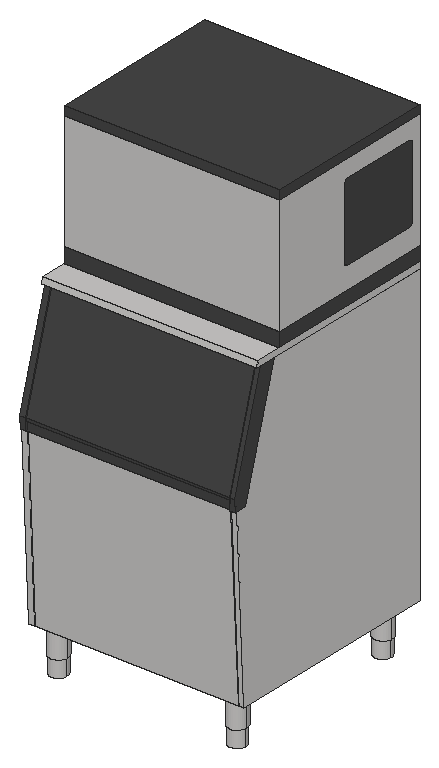
Revit family "QF_ELECTROLUXPROFESSIONAL_730296_IHD220M230SNP", category Specialty Equipment, Revit 2023
Family settings
  Round Connector Dimension = Use Diameter
  Part Type = Normal
  Work Plane-Based = No
  Enable Cutting in Views = No
  Always vertical = Yes
  Cut with Voids When Loaded = No
  Maintain Annotation Orientation = No
  Shared = No
  Room Calculation Point = No
Parameters (values of type "Standard")
  Weight = 85.00 kg
  Watts = 0 W
  Volts = 220 V
  URL Manufacturer = "http://www.electroluxprofessional.com"
  URL = "http://www.electroluxprofessional.com"
  Steam Supply Size = 0 mm
  Steam Supply Minimum Pressure = 0.0 Pa
  Steam Supply Maximum Pressure = 0.0 Pa
  Steam Pounds per Hour = 0
  Show Logo [instance] = yes
  Show Clearance [instance] = yes
  Refrigeration Suction Line Size = 0 mm
  Refrigeration Liquid Line Size = 0 mm
  Refrigerant Compressor Remote = yes
  Manufacturer = "Electrolux Professional"
  Phase = 1
  Model = "IHD220M230SNP"
  Length Actual = 762 mm
  Item Number = "730296"
  Hot Water Size = 0 mm
  Height Actual = 1676 mm
  HP = "2.1 HP"
  Gas Size = 0 mm
  Gas KW = 0
  Gas Input Pressure = 0 W
  Description = "AIR COOLED HALF DICE ICE 220KG/24H-BIN 230KG MODULAR"
  Depth Actual = 819 mm
  Default Elevation = 0 mm
  Cycle = 50 Hz
  Condensate Return Size = 0 mm
  Compressed Air Volume = 0.0 L/s
  Compressed Air Size = 0 mm
  Compressed Air Pressure = 0.0 Pa
  Cold Water Size = 19.05 mm
  Accessory = no
Reference planes
  plane 1 "Center X": y = 237.851
  plane 2: z = 0
  plane 3 "Center Y": x = -378
  plane 4 "LEFT": x = -759
  plane 5 "BACK": y = 647.351
  plane 6 "RIGHT": x = 3
  plane 7 "FRONT": y = -171.649
  plane 8 "TOP": z = 1231
  plane 9: x = -739
  plane 10: x = -17
  plane 11: z = 155
  plane 12: z = 1211
  plane 13: z = 1131
  plane 14: y = -171.649
  plane 15: x = 3
  plane 16: x = -759
  plane 17: z = 1731
  plane 18: z = 1363.566
  plane 19 "2": y = 667.351
  plane 20 "3": y = 27.351
Forms (mm)
  Extrusion 1, solid, material "QF_Finishes_Stainless Steel"
    sketch origin (-238.119, 667.851, 1599.653) x (0, 0, -1) y (-1, 0, 0)
      loop
        circle (302.153, -206.619) r 10
    from -20.5 to -0.5
  Extrusion 2, solid, material "QF_Finishes_Stainless Steel"
    sketch origin (3, 0, 0) x (0, 1, 0) y (0, 0, 1)
      loop
        line (-70.746, 1231) -> (-75.305, 1211) -> (647.351, 1211) -> (647.351, 1231) -> (-70.746, 1231)
    from -762 to 0
  Extrusion 3, solid, material "QF_Finishes_Stainless Steel"
    sketch origin (3, 0, -220) x (0, 1, 0) y (0, 0, 1)
      loop
        line (2.761, 1431) -> (-125.203, 1012.449) -> (-163.117, 1012.449) -> (-130.122, 375) -> (647.351, 375) -> (647.351, 1431) -> (2.761, 1431)
    from -742 to -20
  Extrusion 4, solid, material "QF_Finishes_Black"
    sketch origin (3, -38.052, -220) x (0, 1, 0) y (0, 0, 1)
      loop
        line (-131.963, 1053.167) -> (-131.595, 1046.139) -> (-129.537, 1046.139) -> (-127.771, 1012.449) -> (-87.151, 1012.449) -> (40.813, 1431) -> (-16.448, 1431) -> (-131.963, 1053.167)
    from -742 to -20
  Extrusion 5, solid, material "QF_Finishes_Black"
    sketch origin (3, -38.052, -220) x (0, 1, 0) y (0, 0, 1)
      loop
        line (-131.963, 1053.167) -> (-129.829, 1012.449) -> (-87.151, 1012.449) -> (40.813, 1431) -> (-16.448, 1431) -> (-131.963, 1053.167)
    from -762 to -742
  Extrusion 6, solid, material "QF_Finishes_Black"
    sketch origin (3, -38.052, -220) x (0, 1, 0) y (0, 0, 1)
      loop
        line (-131.963, 1053.167) -> (-129.829, 1012.449) -> (-87.151, 1012.449) -> (40.813, 1431) -> (-16.448, 1431) -> (-131.963, 1053.167)
    from -20 to 0
  Extrusion 7, solid, material "QF_Finishes_Stainless Steel"
    sketch origin (3, 0, -220) x (0, 1, 0) y (0, 0, 1)
      loop
        line (2.761, 1431) -> (-125.203, 1012.449) -> (-163.117, 1012.449) -> (-130.122, 375) -> (647.351, 375) -> (647.351, 1431) -> (2.761, 1431)
    from -20 to 0
  Extrusion 8, solid, material "QF_Finishes_Stainless Steel"
    sketch origin (3, 0, -220) x (0, 1, 0) y (0, 0, 1)
      loop
        line (2.761, 1431) -> (-125.203, 1012.449) -> (-163.117, 1012.449) -> (-130.122, 375) -> (647.351, 375) -> (647.351, 1431) -> (2.761, 1431)
    from -762 to -742
  Extrusion 9, solid, material "QF_Finishes_Stainless Steel"
    sketch origin (3, 0, 440) x (0, 1, 0) y (0, 0, 1)
      loop
        line (27.351, 1260.349) -> (27.351, 842.501) -> (647.351, 842.501) -> (647.351, 1260.349) -> (27.351, 1260.349)
    from -762 to 0
  Extrusion 10, solid, material "QF_Finishes_Black"
    sketch origin (3, 0, 395) x (0, 1, 0) y (0, 0, 1)
      loop
        line (27.351, 887.501) -> (27.351, 836) -> (647.351, 836) -> (647.351, 887.501) -> (27.351, 887.501)
    from -762 to 0
  Extrusion 11, solid, material "QF_Finishes_Black"
    sketch origin (3, 0, 1015) x (0, 1, 0) y (0, 0, 1)
      loop
        line (27.351, 716) -> (27.351, 685.349) -> (647.351, 685.349) -> (647.351, 716) -> (27.351, 716)
    from -762 to 0
  Extrusion 12, solid, material "QF_Finishes_Stainless Steel"
    sketch origin (-1202.264, 667.851, 1627.261) x (0, 0, -1) y (-1, 0, 0)
      loop
        circle (302.153, -468.619) r 12.5
    from -20.5 to -0.5
  Extrusion 13, solid, material "QF_Finishes_Stainless Steel"
    sketch origin (-1199.841, 667.851, 1316.063) x (0, 0, -1) y (-1, 0, 0)
      loop
        circle (-158.388, -468.619) r 10
    from -20.5 to -0.5
  Extrusion 14, solid
    sketch origin (1774.352, 532.849, 0) x (1, 0, 0) y (0, 1, 0)
      loop
        circle (-2152.352, -35.499) r 10
    from 91.501 to 155
  Extrusion 15, solid, material "QF_Finishes_Black"
    sketch origin (-668.378, 757.228, 75) x (1, 0, 0) y (0, 0, -1)
      loop
        arc (275.378, -1625.349) -> (285.984, -1620.956) -> (290.378, -1610.349) r 15
        line (290.378, -1610.349) -> (290.378, -1222.501)
        arc (290.378, -1222.501) -> (285.984, -1211.894) -> (275.378, -1207.501) r 15
        line (275.378, -1207.501) -> (-25.622, -1207.501)
        arc (-25.622, -1207.501) -> (-36.229, -1211.894) -> (-40.622, -1222.501) r 15
        line (-40.622, -1222.501) -> (-40.622, -1610.349)
        arc (-40.622, -1610.349) -> (-36.229, -1620.956) -> (-25.622, -1625.349) r 15
        line (-25.622, -1625.349) -> (275.378, -1625.349)
    from -109.877 to -107.877
  Extrusion 16, solid, material "QF_Finishes_Black"
    sketch origin (-759, 55.351, 75) x (0, 1, 0) y (0, 0, -1)
      loop
        arc (542, -1563.566) -> (552.607, -1559.172) -> (557, -1548.566) r 15
        line (557, -1548.566) -> (557, -1303.566)
        arc (557, -1303.566) -> (552.607, -1292.959) -> (542, -1288.566) r 15
        line (542, -1288.566) -> (272, -1288.566)
        arc (272, -1288.566) -> (261.393, -1292.959) -> (257, -1303.566) r 15
        line (257, -1303.566) -> (257, -1548.566)
        arc (257, -1548.566) -> (261.393, -1559.172) -> (272, -1563.566) r 15
        line (272, -1563.566) -> (542, -1563.566)
    from 0 to 2
  Extrusion 17, solid, material "QF_Finishes_Black"
    sketch origin (3, 55.351, 75) x (0, 1, 0) y (0, 0, 1)
      loop
        line (542, 1563.566) -> (272, 1563.566)
        arc (272, 1563.566) -> (261.393, 1559.172) -> (257, 1548.566) r 15
        line (257, 1548.566) -> (257, 1303.566)
        arc (257, 1303.566) -> (261.393, 1292.959) -> (272, 1288.566) r 15
        line (272, 1288.566) -> (542, 1288.566)
        arc (542, 1288.566) -> (552.607, 1292.959) -> (557, 1303.566) r 15
        line (557, 1303.566) -> (557, 1548.566)
        arc (557, 1548.566) -> (552.607, 1559.172) -> (542, 1563.566) r 15
    from 0 to 2
Lines and regions (mm)
  symbolic lines
    curve 1: line (-759, 647.351, 0) -> (3, 647.351, 0)
    curve 2: line (-759, -171.649, 0) -> (-759, 647.351, 0)
    curve 3: line (3, -171.649, 0) -> (-759, -171.649, 0)
    curve 4: line (3, 647.351, 0) -> (3, -171.649, 0)
    curve 5: line (-759, 647.351, 100) -> (3, 647.351, 100)
    curve 6: line (-759, -171.649, 100) -> (-759, 647.351, 100)
    curve 7: line (3, 647.351, 100) -> (3, -171.649, 100)
    curve 8: line (-759, -171.649, 100) -> (3, -171.649, 100)
    curve 9: line (-759, 27.351, 100) -> (3, 27.351, 100)
    curve 10: line (-759, -75.305, 100) -> (3, -75.305, 100)
Dimensions and locks
  equal spacing: plane 4 "LEFT", plane 3 "Center Y", plane 6 "RIGHT"
  "Length Actual": plane 4 "LEFT" to plane 6 "RIGHT"
  "Depth Actual": plane 5 "BACK" to plane 7 "FRONT"
  equal spacing: plane 5 "BACK", plane 1 "Center X", plane 7 "FRONT"
  plane 8 "TOP" to plane 2 = 1231 mm
  locked: plane 4 "LEFT" to plane 9 at 20
  locked: plane 10 to plane 6 "RIGHT" at 20
  plane 11 to plane 2 = 155 mm
  locked: plane 8 "TOP" to plane 12 at 20
  locked: plane 12 to plane 13 at 80
  plane 7 "FRONT" to plane 14 = 0 mm
  plane 7 "FRONT" to plane 5 "BACK" = 819 mm
  plane 14 to plane 19 "2" = 839 mm
  plane 11 to Extrusion 7 = 1056 mm
  plane 15 to plane 3 "Center Y" to plane 16 = 381 mm, 381 mm
  equal spacing: plane 16, plane 3 "Center Y", plane 15
  plane 15 to plane 16 = 762 mm
  plane 17 to level = 1731 mm
  plane 8 "TOP" to level = 1231 mm
  plane 17 to plane 8 "TOP" = 500 mm
  Extrusion 9 to plane 5 "BACK" = 620 mm
  plane 20 "3" to plane 5 "BACK" = 620 mm
  nested 4 to plane 3 "Center Y" to nested 1 = 317 mm, 316.899 mm
  aligned and locked: level to plane 2
  aligned and locked: plane 15 to Extrusion 9
  aligned and locked: plane 15 to Extrusion 10
  aligned and locked: Extrusion 11 to plane 16
  aligned and locked: Extrusion 9 to plane 16
  aligned and locked: Extrusion 10 to plane 16
  aligned and locked: plane 5 "BACK" to Extrusion 11
  aligned and locked: plane 5 "BACK" to Extrusion 9
  aligned and locked: Extrusion 9 to plane 20 "3"
Automatic sketch dimensions
  Extrusion 1 sketch curve to plane 10 = 14.5 mm
  plane 18 to Extrusion 1 sketch curve = 66.066 mm
  plane 9 to Extrusion 12 sketch curve = 5.355 mm
  plane 18 to Extrusion 12 sketch curve = 38.458 mm
  plane 9 to Extrusion 13 sketch curve = 7.778 mm
  Extrusion 13 sketch curve to plane 18 = 110.886 mm
  Extrusion 15 sketch curve to plane 3 "Center Y" = 0 mm
  Extrusion 15 sketch curve to Extrusion 15 sketch curve = 15 mm  (x2)
  Extrusion 15 sketch curve to plane 3 "Center Y" = 15 mm
  plane 9 to Extrusion 15 sketch curve = 45 mm  (x2)
  Extrusion 15 sketch curve to plane 17 = 30.651 mm
  plane 18 to Extrusion 15 sketch curve = 66.065 mm
  curve 3 to plane 4 "LEFT" = 0 mm
  curve 3 to plane 6 "RIGHT" = 0 mm
  curve 3 to plane 7 "FRONT" = 0 mm
  curve 2 to plane 5 "BACK" = 0 mm
  Extrusion 2 sketch curve to plane 12 = 0 mm
  Extrusion 2 sketch curve to plane 8 "TOP" = 0 mm
  Extrusion 2 sketch curve to plane 5 "BACK" = 0 mm
  Extrusion 2 sketch curve to plane 20 "3" = 98.097 mm
  Extrusion 2 sketch curve to Extrusion 2 sketch curve = 4.56 mm
  Extrusion 3 sketch curve to plane 11 = 0 mm
  Extrusion 3 sketch curve to plane 12 = 0 mm
  Extrusion 3 sketch curve to plane 5 "BACK" = 0 mm
  Extrusion 3 sketch curve to plane 20 "3" = 24.59 mm
  plane 7 "FRONT" to Extrusion 3 sketch curve = 46.446 mm
  plane 7 "FRONT" to Extrusion 3 sketch curve = 41.528 mm
  plane 7 "FRONT" to Extrusion 3 sketch curve = 8.532 mm
  Extrusion 3 sketch curve to plane 13 = 338.551 mm
  Extrusion 4 sketch curve to plane 12 = 0 mm
  plane 7 "FRONT" to Extrusion 4 sketch curve = 1.634 mm
  plane 7 "FRONT" to Extrusion 4 sketch curve = 2.003 mm
  Extrusion 4 sketch curve to Extrusion 4 sketch curve = 2.058 mm
  plane 7 "FRONT" to Extrusion 4 sketch curve = 5.827 mm
  Extrusion 4 sketch curve to Extrusion 4 sketch curve = 40.62 mm
  Extrusion 4 sketch curve to plane 20 "3" = 81.851 mm
  Extrusion 4 sketch curve to plane 20 "3" = 24.59 mm
  Extrusion 4 sketch curve to plane 13 = 297.833 mm
  Extrusion 4 sketch curve to Extrusion 4 sketch curve = 7.027 mm
  Extrusion 4 sketch curve to Extrusion 4 sketch curve = 33.691 mm
  Extrusion 5 sketch curve to plane 12 = 0 mm
  plane 7 "FRONT" to Extrusion 5 sketch curve = 1.634 mm
  plane 7 "FRONT" to Extrusion 5 sketch curve = 3.768 mm
  Extrusion 5 sketch curve to Extrusion 5 sketch curve = 42.678 mm
  Extrusion 5 sketch curve to plane 20 "3" = 81.851 mm
  Extrusion 5 sketch curve to plane 20 "3" = 24.59 mm
  Extrusion 5 sketch curve to plane 13 = 297.833 mm
  Extrusion 5 sketch curve to Extrusion 5 sketch curve = 40.718 mm
  Extrusion 6 sketch curve to plane 12 = 0 mm
  plane 7 "FRONT" to Extrusion 6 sketch curve = 1.634 mm
  plane 7 "FRONT" to Extrusion 6 sketch curve = 3.768 mm
  Extrusion 6 sketch curve to Extrusion 6 sketch curve = 42.678 mm
  Extrusion 6 sketch curve to plane 20 "3" = 81.851 mm
  Extrusion 6 sketch curve to plane 20 "3" = 24.59 mm
  Extrusion 6 sketch curve to plane 13 = 297.833 mm
  Extrusion 6 sketch curve to Extrusion 6 sketch curve = 40.718 mm
  Extrusion 7 sketch curve to plane 11 = 0 mm
  Extrusion 7 sketch curve to plane 12 = 0 mm
  Extrusion 7 sketch curve to plane 5 "BACK" = 0 mm
  Extrusion 7 sketch curve to plane 20 "3" = 24.59 mm
  plane 7 "FRONT" to Extrusion 7 sketch curve = 46.446 mm
  plane 7 "FRONT" to Extrusion 7 sketch curve = 41.528 mm
  plane 7 "FRONT" to Extrusion 7 sketch curve = 8.532 mm
  Extrusion 7 sketch curve to plane 13 = 338.551 mm
  Extrusion 8 sketch curve to plane 11 = 0 mm
  Extrusion 8 sketch curve to plane 12 = 0 mm
  Extrusion 8 sketch curve to plane 5 "BACK" = 0 mm
  Extrusion 8 sketch curve to plane 20 "3" = 24.59 mm
  plane 7 "FRONT" to Extrusion 8 sketch curve = 46.446 mm
  plane 7 "FRONT" to Extrusion 8 sketch curve = 41.528 mm
  plane 7 "FRONT" to Extrusion 8 sketch curve = 8.532 mm
  Extrusion 8 sketch curve to plane 13 = 338.551 mm
  Extrusion 9 sketch curve to plane 20 "3" = 0 mm
  Extrusion 9 sketch curve to plane 5 "BACK" = 0 mm
  plane 8 "TOP" to Extrusion 9 sketch curve = 51.501 mm
  Extrusion 9 sketch curve to plane 17 = 30.651 mm
  Extrusion 10 sketch curve to plane 8 "TOP" = 0 mm
  Extrusion 10 sketch curve to plane 20 "3" = 0 mm
  Extrusion 10 sketch curve to plane 5 "BACK" = 0 mm
  plane 8 "TOP" to Extrusion 10 sketch curve = 51.501 mm
  Extrusion 11 sketch curve to plane 20 "3" = 0 mm
  Extrusion 11 sketch curve to plane 5 "BACK" = 0 mm
  Extrusion 11 sketch curve to plane 17 = 0 mm
  Extrusion 11 sketch curve to plane 17 = 30.651 mm
  Extrusion 14 sketch curve to plane 3 "Center Y" = 0 mm
  Extrusion 14 sketch curve to plane 5 "BACK" = 150 mm
  plane 18 to Extrusion 16 sketch curve = 0 mm
  Extrusion 16 sketch curve to plane 18 = 15 mm
  Extrusion 16 sketch curve to plane 1 "Center X" = 74.5 mm
  Extrusion 16 sketch curve to Extrusion 16 sketch curve = 15 mm  (x2)
  Extrusion 16 sketch curve to plane 5 "BACK" = 50 mm  (x2)
  Extrusion 16 sketch curve to plane 17 = 107.434 mm
  plane 18 to Extrusion 17 sketch curve = 0 mm
  Extrusion 17 sketch curve to plane 18 = 15 mm
  Extrusion 17 sketch curve to plane 1 "Center X" = 74.5 mm
  Extrusion 17 sketch curve to Extrusion 17 sketch curve = 15 mm  (x2)
  Extrusion 17 sketch curve to plane 5 "BACK" = 50 mm  (x2)
  Extrusion 17 sketch curve to plane 17 = 107.434 mm
  plane 5 "BACK" to curve 5 = 0 mm
  plane 7 "FRONT" to curve 8 = 0 mm
  plane 20 "3" to curve 9 = 0 mm
  plane 6 "RIGHT" to curve 5 = 0 mm
  curve 7 to curve 6 = 762 mm
  curve 10 to curve 7 = 96.344 mm
  radius of Extrusion 1 sketch curve = 10 mm
  radius of Extrusion 12 sketch curve = 12.5 mm
  radius of Extrusion 13 sketch curve = 10 mm
  radius of Extrusion 14 sketch curve = 10 mm
Nested families
  nested 1: "Foot_Complete" at (-694.899, -79.392, 0), type "Foot_Complete"
  nested 2: "Foot_Complete" at (-694.899, 564.718, 0), type "Foot_Complete"
  nested 3: "Foot_Complete" at (-61, 564.718, 0), type "Foot_Complete"
  nested 4: "Foot_Complete" at (-61, -79.392, 0), type "Foot_Complete"
Connectors
  electrical at (-31.5, 667.351, 1297.5), driven by "Volts"
    settings: on Extrusion 1, index 1, voltage 220 V, apparent load 0 VA, apparent load phase1 0 VA, apparent load phase2 0 VA, apparent load phase3 0 VA, power factor 1, load classification "Altro", number of poles 1, system type 30, power factor state 1, is connector primary yes, connector utility no, sub classification motor no, connector description "Electrical Connection"
  piping at (-733.645, 667.351, 1325.107), diameter 25
    settings: on Extrusion 12, index 6, connector inside diameter 609.6 mm, connector length 0 mm, flow factor 0, pipe flow 0.0 L/s, pressure drop 0.0 Pa, fitting loss kfactor 0, connector angle 0.00°, fixture units 0, engagement length 0 mm, angle of deflection 0.00°, flow configuration 0, flow direction 2, fitting loss method 0, system type 16, joint type 0, gender type 0, connector reference index -1, connector utility 0, adjustable connector no, is connector primary yes, connector description "Drain"
  piping at (-731.222, 667.351, 1474.451), diameter 20
    settings: on Extrusion 13, index 7, connector inside diameter 609.6 mm, connector length 0 mm, flow factor 0, pipe flow 0.0 L/s, pressure drop 0.0 Pa, fitting loss kfactor 0, connector angle 0.00°, fixture units 0, engagement length 0 mm, angle of deflection 0.00°, flow configuration 0, flow direction 1, fitting loss method 0, system type 20, joint type 0, gender type 0, connector reference index -1, connector utility 0, adjustable connector no, is connector primary no, connector description "Water Inlet"
  piping at (-378, 497.351, 91.501), diameter 20
    settings: on Extrusion 14, index 8, connector inside diameter 609.6 mm, connector length 0 mm, flow factor 0, pipe flow 0.0 L/s, pressure drop 0.0 Pa, fitting loss kfactor 0, connector angle 0.00°, fixture units 0, engagement length 0 mm, angle of deflection 0.00°, flow configuration 0, flow direction 2, fitting loss method 0, system type 16, joint type 0, gender type 0, connector reference index -1, connector utility 0, adjustable connector no, is connector primary no, connector description "Drain"
Definition of nested family "Foot_Complete"
  Parameters (values of type "Foot_Complete")
    R = 33 mm
    H = 155 mm
    Default Elevation = 0 mm
  Reference planes
    plane 1 "Centro (Fronte/Retro)": y = 0
    plane 2: z = 0
    plane 3 "Centro (Sinistra/Destra)": x = 0
    plane 4: z = 155
  Forms (mm)
    Revolve 1, solid
      sketch origin (255.05, 0, 608.09) x (0, 0, 1) y (-1, 0, 0)
        loop
          line (-608.09, 252.05) -> (-608.09, 225.05) -> (-548.09, 225.05) -> (-548.09, 222.05) -> (-453.09, 222.05) -> (-453.09, 252.05) -> (-608.09, 252.05)
        axis (-608.09, 255.05) -> (-453.09, 255.05)
      angle from 0 to 360
  Dimensions and locks
    level to Revolve 1 sketch curve = 60 mm
    "R": Revolve 1 sketch curve to plane 3 "Centro (Sinistra/Destra)"
    "H": plane 4 to level
    locked: Revolve 1 sketch curve to Revolve 1 sketch curve at 3
    aligned and locked: level to plane 2
    aligned and locked: plane 4 to Revolve 1 sketch curve
    aligned and locked: Revolve 1 sketch curve to level
  Automatic sketch dimensions
    Revolve 1 sketch curve to plane 3 "Centro (Sinistra/Destra)" = 0 mm
    plane 3 "Centro (Sinistra/Destra)" to Revolve 1 sketch curve = 3 mm
    plane 4 to Revolve 1 sketch curve = 50 mm
    Revolve 1 sketch curve to Revolve 1 sketch curve = 20 mm
